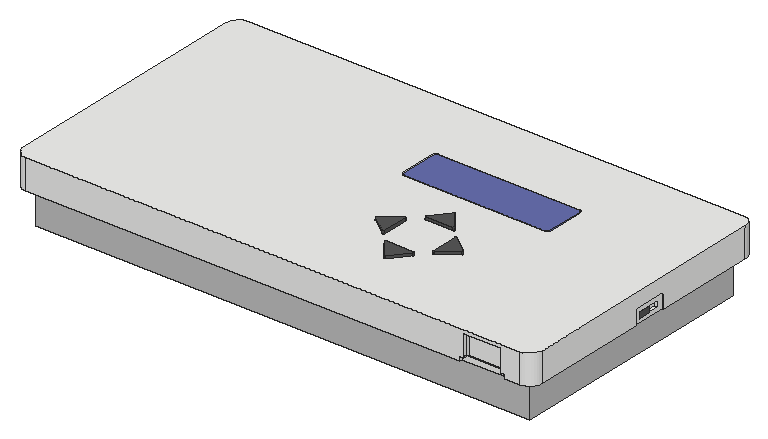
Revit family "Electronics_Masking-Generators_Biamp_Qt-Patient-Privacy-System_Control-Module", category Communication Devices, host Face, Revit 2020
Family settings
  Host = Face
  Maintain Annotation Orientation = No
  Round Connector Dimension = Use Diameter
  Part Type = Normal
  OmniClass Number = 23.85.10.00
  OmniClass Title = General Information Systems
  Cut with Voids When Loaded = No
  Shared = No
  Room Calculation Point = No
Parameters (values of type "Control Module")
  Width = 8.30709"  # constant formula
  Weight = 0.71 lbf  # constant formula
  Voltage = 120 V
  Version = 1
  URL = "https://www.biamp.com/"
  Sound Masking = "200Hz to 6.3kHz"  # constant formula
  Product data url = "https://bimobject.com/biamp/product/qt-patient-privacy_masking-generator"
  Product Page URL = "https://www.biamp.com/products/product-families/cambridge/masking-generators#qt-patient-privacy"
  Product Documentation Link = "https://downloads.biamp.com/assets/docs/default-source/data-sheets/qt-patient-privacy-system-product-brief.pdf"
  Power Factor = 1
  Output Voltage = "5VDC @ 75mA"  # constant formula
  Output Type = "Logic Status (5VDC"  # constant formula
  Output Connections = "2 RJ-45"  # constant formula
  Number of Poles = 1
  Number of Non-Correlated Masking Sources = "4"  # constant formula
  Number of Masking Zones = "1 (2 cable runs per zone)"  # constant formula
  Number of Inputs = "1 (Stereo or Mono)"  # constant formula
  Number of Connectors = "2"  # constant formula
  Music/Paging = "200Hz to 10kHz"  # constant formula
  Model = "Control Module"  # constant formula
  Minimum Output Impedance = "7Ω (per channel)"  # constant formula
  Minimum Masking SPL (@ 1m) = "30dBA"  # constant formula
  Maximum Music/Paging SPL (@ 1m) = "62dBA"  # constant formula
  Maximum Masking SPL (@ 1m) = "60dBA"  # constant formula
  Max Power Consumption = 7 W
  Masking Ramp Times = "0-120 seconds (up and down ramp times are independent)"  # constant formula
  Masking Level Adjustment = "0.5dB steps"  # constant formula
  Manufacturer = "Biamp"  # constant formula
  Input Type = "Contact Closure (Normally Open)"  # constant formula
  Input Level Adjustment = "1dB steps"  # constant formula
  Input Level = "+4dBu (2VRMS max)"  # constant formula
  Input Impedance = "5kΩ"  # constant formula
  Input Connector Type = "Captive Screw Terminals"  # constant formula
  Housing Material = Biamp - Plastic - White
  Height = 1.06299"  # constant formula
  Description = "QT® Patient Privacy System for Waiting Rooms, Exam Rooms, and Pharmacies"  # constant formula
  Depth = 4.44882"  # constant formula
  Default Elevation = 48"
  Date Updated = ""
  Date Created = "2023/08/21"
  Current = 0.6 A
  Connector Type = "Captive Screw Terminals "  # constant formula
  Connector Description = "100-240 VAC, 50/60 Hz"  # constant formula
  Apparent Load = Max Power Consumption / Power Factor  # 7 VA
Reference planes (in)
  plane 1 "Center (Front/Back)": y = 0
  plane 2: z = 0
  plane 3 "Center (Left/Right)": x = 0
Forms (in)
  Extrusion 1, solid, material "Biamp - Plastic - White" <- "Housing Material", detail levels medium+fine
    sketch origin (0, 0, 0) x (1, 0, 0) y (0, 1, 0)
      loop
        line (-3.95669, -2.22441) -> (3.95669, -2.22441)
        arc (3.95669, -2.22441) -> (4.09589, -2.16675) -> (4.15354, -2.02756) r 0.19685
        line (4.15354, -2.02756) -> (4.15354, 2.02756)
        arc (4.15354, 2.02756) -> (4.09589, 2.16675) -> (3.95669, 2.22441) r 0.19685
        line (3.95669, 2.22441) -> (-3.95669, 2.22441)
        arc (-3.95669, 2.22441) -> (-4.09589, 2.16675) -> (-4.15354, 2.02756) r 0.19685
        line (-4.15354, 2.02756) -> (-4.15354, -2.02756)
        arc (-4.15354, -2.02756) -> (-4.09589, -2.16675) -> (-3.95669, -2.22441) r 0.19685
    from 0 to 0.47244
  Extrusion 2, solid, material "Biamp - Plastic - White" <- "Housing Material", detail levels coarse
    sketch origin (0, 0, 0) x (1, 0, 0) y (0, 1, 0)
      loop
        line (-3.95669, -2.22441) -> (3.95669, -2.22441)
        arc (3.95669, -2.22441) -> (4.09589, -2.16675) -> (4.15354, -2.02756) r 0.19685
        line (4.15354, -2.02756) -> (4.15354, 2.02756)
        arc (4.15354, 2.02756) -> (4.09589, 2.16675) -> (3.95669, 2.22441) r 0.19685
        line (3.95669, 2.22441) -> (-3.95669, 2.22441)
        arc (-3.95669, 2.22441) -> (-4.09589, 2.16675) -> (-4.15354, 2.02756) r 0.19685
        line (-4.15354, 2.02756) -> (-4.15354, -2.02756)
        arc (-4.15354, -2.02756) -> (-4.09589, -2.16675) -> (-3.95669, -2.22441) r 0.19685
    from 0 to 0.47244
  Extrusion 3, void
    sketch origin (0, 0, 0.47244) x (1, 0, 0) y (0, 1, 0)
      loop
        arc (0.021, 1.06698) -> (-0.02076, 1.04969) -> (-0.03805, 1.00793) r 0.05906
        line (-0.03805, 1.00793) -> (-0.03805, 0.43706)
        arc (-0.03805, 0.43706) -> (-0.02076, 0.3953) -> (0.021, 0.37801) r 0.05906
        line (0.021, 0.37801) -> (2.26509, 0.37801)
        arc (2.26509, 0.37801) -> (2.30685, 0.3953) -> (2.32415, 0.43706) r 0.05906
        line (2.32415, 0.43706) -> (2.32415, 1.00793)
        arc (2.32415, 1.00793) -> (2.30685, 1.04969) -> (2.26509, 1.06698) r 0.05906
        line (2.26509, 1.06698) -> (0.021, 1.06698)
    from -0.09809 to 0
  Extrusion 4, solid, material "Biamp - Plastic - Blue", detail levels medium+fine
    sketch origin (0, 0, 0.37435) x (1, 0, 0) y (0, 1, 0)
      loop
        line (2.26509, 1.06698) -> (0.021, 1.06698)
        arc (0.021, 1.06698) -> (-0.02076, 1.04969) -> (-0.03805, 1.00793) r 0.05906
        line (-0.03805, 1.00793) -> (-0.03805, 0.43706)
        arc (-0.03805, 0.43706) -> (-0.02076, 0.3953) -> (0.021, 0.37801) r 0.05906
        line (0.021, 0.37801) -> (2.26509, 0.37801)
        arc (2.26509, 0.37801) -> (2.30685, 0.3953) -> (2.32415, 0.43706) r 0.05906
        line (2.32415, 0.43706) -> (2.32415, 1.00793)
        arc (2.32415, 1.00793) -> (2.30685, 1.04969) -> (2.26509, 1.06698) r 0.05906
    from 0 to 0.09809
  Extrusion 5, void
    sketch origin (0, 0, 0.47244) x (1, 0, 0) y (0, 1, 0)
      loop
        line (1.37132, -0.30529) -> (1.15806, -0.03233)
        arc (1.15806, -0.03233) -> (1.14305, -0.02501) -> (1.12804, -0.03233) r 0.01905
        line (1.12804, -0.03233) -> (0.91478, -0.30529)
        arc (0.91478, -0.30529) -> (0.91272, -0.32486) -> (0.9294, -0.33528) r 0.01856
        line (0.9294, -0.33528) -> (1.35669, -0.33528)
        arc (1.35669, -0.33528) -> (1.37337, -0.32486) -> (1.37132, -0.30529) r 0.01856
      loop
        line (1.56453, -0.95429) -> (1.8368, -0.74157)
        arc (1.8368, -0.74157) -> (1.84422, -0.72635) -> (1.8368, -0.71113) r 0.01931
        line (1.8368, -0.71113) -> (1.56453, -0.49841)
        arc (1.56453, -0.49841) -> (1.54469, -0.49633) -> (1.53412, -0.51325) r 0.01882
        line (1.53412, -0.51325) -> (1.53412, -0.93946)
        arc (1.53412, -0.93946) -> (1.54469, -0.95638) -> (1.56453, -0.95429) r 0.01882
      loop
        arc (1.37132, -1.14741) -> (1.37337, -1.12785) -> (1.35669, -1.11742) r 0.01856
        line (1.35669, -1.11742) -> (0.9294, -1.11742)
        arc (0.9294, -1.11742) -> (0.91272, -1.12785) -> (0.91478, -1.14741) r 0.01856
        line (0.91478, -1.14741) -> (1.12804, -1.42037)
        arc (1.12804, -1.42037) -> (1.14305, -1.42769) -> (1.15806, -1.42037) r 0.01905
        line (1.15806, -1.42037) -> (1.37132, -1.14741)
      loop
        arc (0.72156, -0.95429) -> (0.7414, -0.95638) -> (0.75198, -0.93946) r 0.01882
        line (0.75198, -0.93946) -> (0.75198, -0.51325)
        arc (0.75198, -0.51325) -> (0.7414, -0.49633) -> (0.72156, -0.49841) r 0.01882
        line (0.72156, -0.49841) -> (0.44929, -0.71113)
        arc (0.44929, -0.71113) -> (0.44187, -0.72635) -> (0.44929, -0.74157) r 0.01931
        line (0.44929, -0.74157) -> (0.72156, -0.95429)
    from -0.09809 to 0
  Extrusion 6, solid, material "Biamp - Plastic - Black", detail levels medium+fine
    sketch origin (0, 0, 0.47244) x (1, 0, 0) y (0, 1, 0)
      loop
        line (1.12754, -0.03937) -> (0.91788, -0.30771)
        arc (0.91788, -0.30771) -> (0.91626, -0.32313) -> (0.9294, -0.33134) r 0.01463
        line (0.9294, -0.33134) -> (1.35669, -0.33134)
        arc (1.35669, -0.33134) -> (1.36984, -0.32313) -> (1.36822, -0.30771) r 0.01463
        line (1.36822, -0.30771) -> (1.15856, -0.03937)
        arc (1.15856, -0.03937) -> (1.14305, -0.0318) -> (1.12754, -0.03937) r 0.01969
      loop
        line (0.72399, -0.50151) -> (0.45606, -0.71084)
        arc (0.45606, -0.71084) -> (0.4485, -0.72635) -> (0.45606, -0.74186) r 0.01969
        line (0.45606, -0.74186) -> (0.72399, -0.95119)
        arc (0.72399, -0.95119) -> (0.73968, -0.95284) -> (0.74804, -0.93946) r 0.01489
        line (0.74804, -0.93946) -> (0.74804, -0.51325)
        arc (0.74804, -0.51325) -> (0.73968, -0.49986) -> (0.72399, -0.50151) r 0.01489
      loop
        line (1.83003, -0.71084) -> (1.56211, -0.50151)
        arc (1.56211, -0.50151) -> (1.54642, -0.49986) -> (1.53806, -0.51325) r 0.01489
        line (1.53806, -0.51325) -> (1.53806, -0.93946)
        arc (1.53806, -0.93946) -> (1.54642, -0.95284) -> (1.56211, -0.95119) r 0.01489
        line (1.56211, -0.95119) -> (1.83003, -0.74186)
        arc (1.83003, -0.74186) -> (1.8376, -0.72635) -> (1.83003, -0.71084) r 0.01969
      loop
        line (1.35669, -1.12136) -> (0.9294, -1.12136)
        arc (0.9294, -1.12136) -> (0.91626, -1.12957) -> (0.91788, -1.14499) r 0.01463
        line (0.91788, -1.14499) -> (1.12754, -1.41334)
        arc (1.12754, -1.41334) -> (1.14305, -1.4209) -> (1.15856, -1.41334) r 0.01969
        line (1.15856, -1.41334) -> (1.36822, -1.14499)
        arc (1.36822, -1.14499) -> (1.36984, -1.12957) -> (1.35669, -1.12136) r 0.01463
    from -0.09809 to 0.03607
  Extrusion 7, void
    sketch origin (4.15354, 1.48622, 0) x (0, -1, 0) y (0, 0, -1)
      loop
        line (1.64955, 0) -> (1.08987, 0) -> (1.08987, -0.20832)
        arc (1.08987, -0.20832) -> (1.1014, -0.23616) -> (1.12924, -0.24769) r 0.03937
        line (1.12924, -0.24769) -> (1.61018, -0.24769)
        arc (1.61018, -0.24769) -> (1.63802, -0.23616) -> (1.64955, -0.20832) r 0.03937
        line (1.64955, -0.20832) -> (1.64955, 0)
    from -0.02256 to 0
  Extrusion 8, void
    sketch origin (4.13099, 1.48622, 0) x (0, -1, 0) y (0, 0, -1)
      loop
        line (1.5554, -0.16343) -> (1.5554, -0.06159) -> (1.18402, -0.06159) -> (1.18402, -0.16343) -> (1.5554, -0.16343)
    from -0.04884 to 0.18628
  Extrusion 9, solid, material "Biamp - Plastic - Black", detail levels medium+fine
    sketch origin (4.08214, 1.48622, 0) x (0, -1, 0) y (0, 0, -1)
      loop
        line (1.37365, -0.15949) -> (1.55146, -0.15949) -> (1.55146, -0.06553) -> (1.37365, -0.06553) -> (1.37365, -0.15949)
    from 0 to 0.06397
  Extrusion 10, void
    sketch origin (-4.15354, -2.22441, 0) x (1, 0, 0) y (0, 0, 1)
      loop
        line (7.13799, 0) -> (7.86502, 0) -> (7.86502, 0.05918) -> (7.81881, 0.05918)
        arc (7.81881, 0.05918) -> (7.80323, 0.06564) -> (7.79678, 0.08122) r 0.02204
        line (7.79678, 0.08122) -> (7.79678, 0.41499) -> (7.20622, 0.41499) -> (7.20622, 0.08263)
        arc (7.20622, 0.08263) -> (7.19936, 0.06605) -> (7.18278, 0.05918) r 0.02345
        line (7.18278, 0.05918) -> (7.13799, 0.05918) -> (7.13799, 0)
    from -0.03882 to 0.25643
  Extrusion 11, void
    sketch origin (-4.15354, -2.18559, 0) x (1, 0, 0) y (0, 0, 1)
      loop
        line (7.22468, 0.39654) -> (7.22468, 0.08206) -> (7.77832, 0.08206) -> (7.77832, 0.39654) -> (7.22468, 0.39654)
    from -0.03278 to 0.03882
  Extrusion 12, solid, material "Biamp - Plastic - Gray"
    sketch origin (0, 0, 0) x (1, 0, 0) y (0, 1, 0)
      loop
        line (-3.95669, 2.02756) -> (-3.95669, -2.02756) -> (3.95669, -2.02756) -> (3.95669, 2.02756) -> (-3.95669, 2.02756)
    from -0.59055 to 0
  Extrusion 13, void
    sketch origin (0, 0, 0) x (1, 0, 0) y (0, 1, 0)
      loop
        line (-3.95669, 2.02756) -> (-3.95669, -2.02756) -> (3.95669, -2.02756) -> (3.95669, 2.02756) -> (-3.95669, 2.02756)
    from -0.59055 to 0
  Extrusion 14, void
    sketch origin (0, 0, -0.59055) x (0, 1, 0) y (1, 0, 0)
      loop
        line (0.91359, 3.47907) -> (1.42832, 3.47907) -> (1.42832, 3.63669) -> (0.91359, 3.63669) -> (0.91359, 3.47907)
      loop
        line (1.96304, 3.47907) -> (1.96304, 3.63669) -> (1.44832, 3.63669) -> (1.44832, 3.47907) -> (1.96304, 3.47907)
      loop
        line (1.82952, -2.48708) -> (1.47777, -2.48708) -> (1.47777, -2.68393) -> (1.52395, -2.68393) -> (1.52395, -2.73158) -> (1.57016, -2.73158) -> (1.57016, -2.77482) -> (1.73712, -2.77482) -> (1.73712, -2.73158) -> (1.78333, -2.73158) -> (1.78333, -2.68393) -> (1.82952, -2.68393) -> (1.82952, -2.48708)
      loop
        line (1.36916, -2.48708) -> (1.01742, -2.48708) -> (1.01742, -2.68393) -> (1.0636, -2.68393) -> (1.0636, -2.73158) -> (1.10981, -2.73158) -> (1.10981, -2.77482) -> (1.27677, -2.77482) -> (1.27677, -2.73158) -> (1.32298, -2.73158) -> (1.32298, -2.68393) -> (1.36916, -2.68393) -> (1.36916, -2.48708)
      loop
        circle (0.5936, -2.60995) r 0.10429
      loop
        line (-0.43754, -2.48708) -> (-1.09529, -2.48708) -> (-1.09529, -2.77482) -> (-0.43754, -2.77482) -> (-0.43754, -2.48708)
      loop
        line (0.37967, -2.48708) -> (-0.27808, -2.48708) -> (-0.27808, -2.77482) -> (0.37967, -2.77482) -> (0.37967, -2.48708)
      loop
        line (-1.31375, -3.05739) -> (-1.73597, -3.05739) -> (-1.73597, -3.55739) -> (-1.31375, -3.55739) -> (-1.31375, -3.05739)
    from -0.07732 to 0
Cuts and joins
  Extrusion 3, Extrusion 5, Extrusion 7, Extrusion 8, Extrusion 10, Extrusion 11 cuts Extrusion 1
  Extrusion 14 cuts Extrusion 12
  Extrusion 10, Extrusion 11 cuts Extrusion 2
Lines and regions (in)
  Masking region 1, detail levels medium+fine
    outline origin (0, 0, 0) x (1, 0, 0) y (0, 1, 0)
      loop
        line (-4.15354, 2.02756) -> (-4.15354, -2.02756)
        arc (-4.15354, -2.02756) -> (-4.09589, -2.16675) -> (-3.95669, -2.22441) r 0.19685
        line (-3.95669, -2.22441) -> (3.95669, -2.22441)
        arc (3.95669, -2.22441) -> (4.09589, -2.16675) -> (4.15354, -2.02756) r 0.19685
        line (4.15354, -2.02756) -> (4.15354, 2.02756)
        arc (4.15354, 2.02756) -> (4.09589, 2.16675) -> (3.95669, 2.22441) r 0.19685
        line (3.95669, 2.22441) -> (-3.95669, 2.22441)
        arc (-3.95669, 2.22441) -> (-4.09589, 2.16675) -> (-4.15354, 2.02756) r 0.19685
  Masking region 2, detail levels medium+fine
    outline origin (0, 0, 0) x (1, 0, 0) y (0, 1, 0)
      loop
        line (2.26509, 1.06698) -> (0.021, 1.06698)
        arc (0.021, 1.06698) -> (-0.02076, 1.04969) -> (-0.03805, 1.00793) r 0.05906
        line (-0.03805, 1.00793) -> (-0.03805, 0.43706)
        arc (-0.03805, 0.43706) -> (-0.02076, 0.3953) -> (0.021, 0.37801) r 0.05906
        line (0.021, 0.37801) -> (2.26509, 0.37801)
        arc (2.26509, 0.37801) -> (2.30685, 0.3953) -> (2.32415, 0.43706) r 0.05906
        line (2.32415, 0.43706) -> (2.32415, 1.00793)
        arc (2.32415, 1.00793) -> (2.30685, 1.04969) -> (2.26509, 1.06698) r 0.05906
  Masking region 3, detail levels medium+fine
    outline origin (0, 0, 0) x (1, 0, 0) y (0, 1, 0)
      loop
        line (0.72399, -0.50151) -> (0.45606, -0.71084)
        arc (0.45606, -0.71084) -> (0.4485, -0.72635) -> (0.45606, -0.74186) r 0.01969
        line (0.45606, -0.74186) -> (0.72399, -0.95119)
        arc (0.72399, -0.95119) -> (0.73968, -0.95284) -> (0.74804, -0.93946) r 0.01489
        line (0.74804, -0.93946) -> (0.74804, -0.51325)
        arc (0.74804, -0.51325) -> (0.73968, -0.49986) -> (0.72399, -0.50151) r 0.01489
      loop
        line (1.12754, -0.03937) -> (0.91788, -0.30771)
        arc (0.91788, -0.30771) -> (0.91626, -0.32313) -> (0.9294, -0.33134) r 0.01463
        line (0.9294, -0.33134) -> (1.35669, -0.33134)
        arc (1.35669, -0.33134) -> (1.36984, -0.32313) -> (1.36822, -0.30771) r 0.01463
        line (1.36822, -0.30771) -> (1.15856, -0.03937)
        arc (1.15856, -0.03937) -> (1.14305, -0.0318) -> (1.12754, -0.03937) r 0.01969
      loop
        line (1.83003, -0.71084) -> (1.56211, -0.50151)
        arc (1.56211, -0.50151) -> (1.54642, -0.49986) -> (1.53806, -0.51325) r 0.01489
        line (1.53806, -0.51325) -> (1.53806, -0.93946)
        arc (1.53806, -0.93946) -> (1.54642, -0.95284) -> (1.56211, -0.95119) r 0.01489
        line (1.56211, -0.95119) -> (1.83003, -0.74186)
        arc (1.83003, -0.74186) -> (1.8376, -0.72635) -> (1.83003, -0.71084) r 0.01969
      loop
        arc (0.9294, -1.12136) -> (0.91626, -1.12957) -> (0.91788, -1.14499) r 0.01463
        line (0.91788, -1.14499) -> (1.12754, -1.41334)
        arc (1.12754, -1.41334) -> (1.14305, -1.4209) -> (1.15856, -1.41334) r 0.01969
        line (1.15856, -1.41334) -> (1.36822, -1.14499)
        arc (1.36822, -1.14499) -> (1.36984, -1.12957) -> (1.35669, -1.12136) r 0.01463
        line (1.35669, -1.12136) -> (0.9294, -1.12136)
  Masking region 4, detail levels coarse
    outline origin (0, 0, 0) x (1, 0, 0) y (0, 1, 0)
      loop
        arc (-3.95669, 2.22441) -> (-4.09589, 2.16675) -> (-4.15354, 2.02756) r 0.19685
        line (-4.15354, 2.02756) -> (-4.15354, -2.02756)
        arc (-4.15354, -2.02756) -> (-4.09589, -2.16675) -> (-3.95669, -2.22441) r 0.19685
        line (-3.95669, -2.22441) -> (3.95669, -2.22441)
        arc (3.95669, -2.22441) -> (4.09589, -2.16675) -> (4.15354, -2.02756) r 0.19685
        line (4.15354, -2.02756) -> (4.15354, 2.02756)
        arc (4.15354, 2.02756) -> (4.09589, 2.16675) -> (3.95669, 2.22441) r 0.19685
        line (3.95669, 2.22441) -> (-3.95669, 2.22441)
  Masking region 5
    outline origin (0, 0, 0) x (1, 0, 0) y (0, 0, 1)
      loop
        line (-4.15354, 0.47244) -> (-4.15354, 0) -> (4.15354, 0) -> (4.15354, 0.47244) -> (-4.15354, 0.47244)
Dimensions and locks (in)
  aligned and locked: plane 2 to host face
  aligned and locked: level to host face
Connectors (in)
  electrical at (-2.60995, 0.5936, -0.51323), driven by "Number of Poles", driven by "Voltage", driven by "Apparent Load", driven by "Power Factor", driven by "Connector Description"
    settings: on cut or joined group of Extrusion 12, Extrusion 14, index 1, voltage 120 V, apparent load 7 VA, apparent load phase1 0 VA, apparent load phase2 0 VA, apparent load phase3 0 VA, power factor 1, load classification "Other", number of poles 1, system type 30, power factor state 1, is connector primary yes, connector utility no, sub classification motor no, connector description "100-240 VAC, 50/60 Hz"
  electrical at (-2.68215, 1.65364, -0.51323)
    settings: on cut or joined group of Extrusion 12, Extrusion 14, index 2, voltage 0 V, apparent load 0 VA, apparent load phase1 0 VA, apparent load phase2 0 VA, apparent load phase3 0 VA, power factor 1, load classification "Other", number of poles 1, system type 5, power factor state 1, is connector primary no, connector utility no, sub classification motor no, connector description "RJ-45 Output"
  electrical at (-2.68215, 1.19329, -0.51323)
    settings: on cut or joined group of Extrusion 12, Extrusion 14, index 3, voltage 0 V, apparent load 0 VA, apparent load phase1 0 VA, apparent load phase2 0 VA, apparent load phase3 0 VA, power factor 1, load classification "Other", number of poles 1, system type 5, power factor state 1, is connector primary no, connector utility no, sub classification motor no, connector description "RJ-45 Output"
  electrical at (3.55788, 1.17095, -0.51323)
    settings: on cut or joined group of Extrusion 12, Extrusion 14, index 4, voltage 0 V, apparent load 0 VA, apparent load phase1 0 VA, apparent load phase2 0 VA, apparent load phase3 0 VA, power factor 1, load classification "Other", number of poles 1, system type 5, power factor state 1, is connector primary no, connector utility no, sub classification motor no, connector description "Captive Screw Terminal"
  electrical at (3.34796, -2.1528, 0.2393)
    settings: on cut or joined group of Extrusion 1, Extrusion 3, Extrusion 5, Extrusion 7, Extrusion 8, Extrusion 10, Extrusion 11, index 5, voltage 0 V, apparent load 0 VA, apparent load phase1 0 VA, apparent load phase2 0 VA, apparent load phase3 0 VA, power factor 1, load classification "Other", number of poles 1, system type 5, power factor state 1, is connector primary no, connector utility no, sub classification motor no, connector description "USB connector"
  electrical at (3.55788, 1.70568, -0.51323)
    settings: on cut or joined group of Extrusion 12, Extrusion 14, index 6, voltage 0 V, apparent load 0 VA, apparent load phase1 0 VA, apparent load phase2 0 VA, apparent load phase3 0 VA, power factor 1, load classification "Other", number of poles 1, system type 5, power factor state 1, is connector primary no, connector utility no, sub classification motor no, connector description "Captive Screw Terminal"
  electrical at (-2.63095, 0.05079, -0.51323)
    settings: on cut or joined group of Extrusion 12, Extrusion 14, index 7, voltage 0 V, apparent load 0 VA, apparent load phase1 0 VA, apparent load phase2 0 VA, apparent load phase3 0 VA, power factor 1, load classification "Other", number of poles 1, system type 5, power factor state 1, is connector primary no, connector utility no, sub classification motor no, connector description "Captive Screw Terminal"
  electrical at (-2.63095, -0.76641, -0.51323)
    settings: on cut or joined group of Extrusion 12, Extrusion 14, index 8, voltage 0 V, apparent load 0 VA, apparent load phase1 0 VA, apparent load phase2 0 VA, apparent load phase3 0 VA, power factor 1, load classification "Other", number of poles 1, system type 5, power factor state 1, is connector primary no, connector utility no, sub classification motor no, connector description "Captive Screw Terminal"
  electrical at (-3.30739, -1.52486, -0.51323)
    settings: on cut or joined group of Extrusion 12, Extrusion 14, index 9, voltage 0 V, apparent load 0 VA, apparent load phase1 0 VA, apparent load phase2 0 VA, apparent load phase3 0 VA, power factor 1, load classification "Other", number of poles 1, system type 5, power factor state 1, is connector primary no, connector utility no, sub classification motor no, connector description "Captive Screw Terminal"
